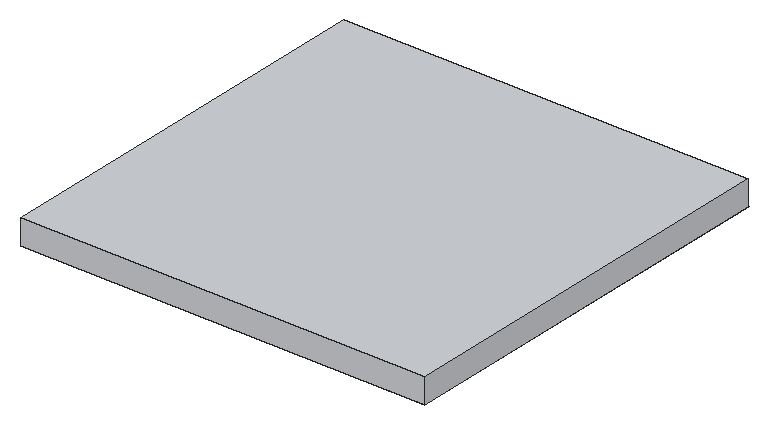
Revit family "Acoustic-Treatment_Wenger_Diffuser-Ceiling-Trapezoidal", category Generic Models, Revit 2016
Family settings
  Part Type = Normal
  Can host rebar = No
  Round Connector Dimension = Use Diameter
  Work Plane-Based = Yes
  Always vertical = No
  Cut with Voids When Loaded = No
  Shared = No
  Room Calculation Point = No
Parameters
  Warranty Duration (Years) = 0
  Unit Width = 3' - 10 3/4"
  Unit Weight = 0
  Unit Length = 3' - 10 3/4"
  Unit Depth = 1' - 0"
  URL = "https://www.wengercorp.com/"
  Standards Conformance = "as Specified"
  Specification = "http://www.arcat.com/sdspecs/htm04/11_60_01wen.htm"
  SpecWizard = "http://www.arcat.com/specwizard/11061wen/index04.htm"
  Sales Information = "https://www.wengercorp.com/contact-us.php"
  Revision = "R1_2017-12"
  Pyramid Point_WidthAdjust = 3' - 0.1505"
  Pyramid Point_LengthAdjust = 1' - 2"
  Product Properties = ""
  Product Data = "http://www.arcat.com/arcatcos/cos36/arc36487.html"
  Model = "As Specified"
  Manufacturer Website = "https://www.wengercorp.com/"
  Manufacturer Phone - Toll Free = ""
  Manufacturer Phone = ""
  Manufacturer Fax = ""
  Manufacturer Address = ""
  Manufacturer = "Wenger Corporation"
  Maintenance Schedule (Months) = 0
  Keynote = "11 60 01"
  Installation-Fabrication = ""
  Installation Phase = ""
  Green Building-LEED = "http://www.arcat.com/green/clients/leed_data_36487.html"
  First Depth = 0' - 2 7/8"
  Exterior Finish [instance] = none
  Expected Lifespan (Years) = 0
  Drawn By = "Sumex Design, Inc. / Robert S. Weygant, CSI, CDT, SCIP"
  Description = "Wenger Acoustic Product as Specified"
  Default Elevation = 0' - 0"
  Copyright = "©Arcat Inc."
  Construction Details = "http://www.arcat.com/details/wengerco/wengerco.html?coid=36487"
  Assembly Code = "E1020300"
Reference planes (in)
  plane 1 "Center (Front/Back)": y = 0
  plane 2 "Bottom": z = 0
  plane 3 "Center (Left/Right)": x = 0
  plane 4 "Front": y = -23.375
  plane 5 "Back": y = 23.375
  plane 6 "Left": x = -23.375
  plane 7 "Right": x = 23.375
  plane 8 "Top": z = -12
  plane 9: z = -2.875
  plane 10: y = -9.375
  plane 11: x = 12.7755
  plane 12: y = 9.375
Forms (in)
  Extrusion 1, solid, material <- "Exterior Finish"
    sketch origin (0, 0, 0) x (1, 0, 0) y (0, 1, 0)
      loop
        line (-23.375, 23.375) -> (-23.375, -23.375) -> (23.375, -23.375) -> (23.375, 23.375) -> (-23.375, 23.375)
    from 0 to -2.875
  Blend 2, solid, material <- "Exterior Finish"
    base sketch origin (-43.59721, -180, -2.875) x (-1, 0, 0) y (0, -1, 0)
      loop
        line (-20.22221, -203.375) -> (-20.22221, -156.625) -> (-66.97221, -156.625) -> (-66.97221, -203.375) -> (-20.22221, -203.375)
    top sketch origin (-43.59721, -180, -2.875) x (-1, 0, 0) y (0, -1, 0)
      loop
        line (-56.35709, -170.625) -> (-56.38834, -170.625) -> (-56.38834, -189.375) -> (-56.35709, -189.375) -> (-56.35709, -170.625)
    from 0 to -9.125
Dimensions and locks (in)
  equal spacing: plane 6 "Left", plane 3 "Center (Left/Right)", plane 7 "Right"
  "Unit Width": plane 6 "Left" to plane 7 "Right"
  equal spacing: plane 5 "Back", plane 1 "Center (Front/Back)", plane 4 "Front"
  "Unit Length": plane 5 "Back" to plane 4 "Front"
  "Unit Depth": level to plane 8 "Top"
  "Pyramid Point_WidthAdjust": plane 6 "Left" to plane 11
  "Pyramid Point_LengthAdjust": plane 10 to plane 4 "Front"
  Blend 2 sketch curve to plane 11 to Blend 2 sketch curve = 0' - 0 1/64" locked, 0' - 0 1/64" locked
  "First Depth": level to plane 9
  "Pyramid Point_LengthAdjust": plane 5 "Back" to plane 12
  aligned and locked: Extrusion 1 sketch curve to plane 5 "Back"
  aligned and locked: Extrusion 1 sketch curve to plane 6 "Left"
  aligned and locked: Extrusion 1 sketch curve to plane 4 "Front"
  aligned and locked: Extrusion 1 sketch curve to plane 7 "Right"
  aligned and locked: Extrusion 1 to plane 9
  aligned and locked: Blend 2 sketch curve to plane 5 "Back"
  aligned and locked: Blend 2 sketch curve to plane 7 "Right"
  aligned and locked: Blend 2 sketch curve to plane 4 "Front"
  aligned and locked: Blend 2 sketch curve to plane 6 "Left"
  aligned and locked: Blend 2 to plane 8 "Top"
  aligned and locked: plane 12 to Blend 2 sketch curve
  aligned and locked: plane 10 to Blend 2 sketch curve
